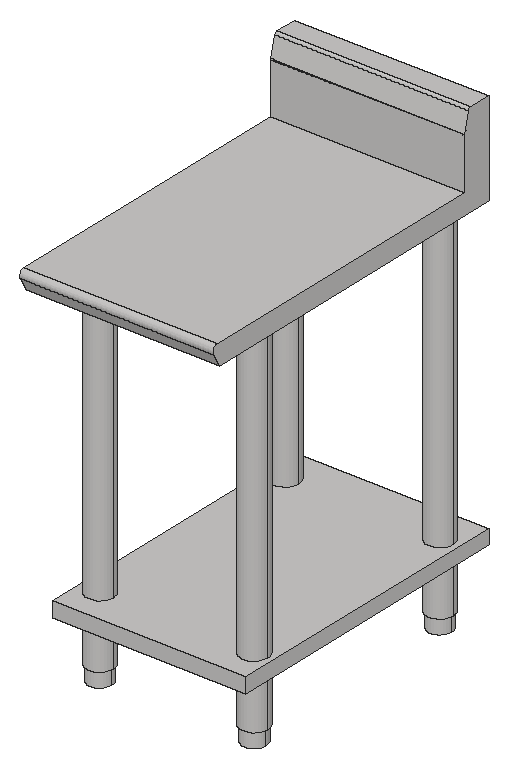
Revit family "QF_COBRA MOFFAT_C450", category Specialty Equipment, Revit 2016
Family settings
  Part Type = Normal
  Round Connector Dimension = Use Diameter
  Work Plane-Based = No
  Always vertical = Yes
  Cut with Voids When Loaded = No
  Shared = No
  Room Calculation Point = No
Parameters
  Weight in Pounds = 28
  URL Cutsheet = ""
  Specification by User = ""
  Specification by Manufacturer = ""
  Serial Number = ""
  Seismic Rating = ""
  SMACNA No = ""
  Revision Code = ""
  NAFEM Spec ID Number = ""
  Model = "C450"
  Masterspec = ""
  Manufacturer = "COBRA MOFFAT"
  Length = 450.00 mm
  Item Number = ""
  Installed By = ""
  Identify Quantity as Lot = yes
  Height = 1085.00 mm
  Furnished By = ""
  Foodservice Equipment Identifier = yes
  Description = "INFILL BENCHES"
  Depth = 800.00 mm
  CSI MasterFormat = ""
Reference planes
  plane 1 "BACK": y = 0
  plane 2: z = 0
  plane 3 "LEFT": x = 0
  plane 4 "RIGHT": x = 450
  plane 5 "FRONT": y = -800
  plane 6 "TOP": z = 1085
  plane 7 "Center Y": x = 225
  plane 8 "Center X": y = -400
  plane 9: x = 45.5
  plane 10: x = 404.5
Forms (mm)
  Extrusion 1, solid, material "QF_Metal - Stainless - Polished"
    sketch origin (0, 0, 0) x (0, 1, 0) y (0, 0, 1)
      loop
        line (-780.27, 866) -> (0, 866) -> (0, 1085) -> (-51.999, 1085)
        arc (-51.999, 1085) -> (-55.651, 1083.76) -> (-57.794, 1080.553) r 6
        line (-57.794, 1080.553) -> (-69.796, 1035.763)
        arc (-69.796, 1035.763) -> (-69.949, 1034.993) -> (-70, 1034.21) r 6
        line (-70, 1034.21) -> (-70, 915) -> (-788.301, 915)
        arc (-788.301, 915) -> (-798.434, 909.149) -> (-798.433, 897.448) r 11.7
        line (-798.433, 897.448) -> (-780.27, 866)
      loop
        line (0, 184) -> (-705, 184) -> (-705, 150) -> (0, 150) -> (0, 184)
    from 0 to 450
  Revolve 2, solid, material "QF_Metal - Stainless - Polished"
    sketch origin (0, -85, 35) x (0, 0, 1) y (1, 0, 0)
      loop
        line (-35, 17.5) -> (0, 17.5) -> (0, 13.75) -> (115, 13.75) -> (115, 45.5) -> (-35, 45.5) -> (-35, 17.5)
      loop
        line (149, 45.5) -> (149, 13.75) -> (831, 13.75) -> (831, 45.5) -> (149, 45.5)
      axis (831, 45.5) -> (-35, 45.5)
    angle from 0 to 360
  Revolve 3, solid, material "QF_Metal - Stainless - Polished"
    sketch origin (0, -625, 35) x (0, 0, 1) y (1, 0, 0)
      loop
        line (-35, 17.5) -> (0, 17.5) -> (0, 13.75) -> (115, 13.75) -> (115, 45.5) -> (-35, 45.5) -> (-35, 17.5)
      loop
        line (149, 45.5) -> (149, 13.75) -> (831, 13.75) -> (831, 45.5) -> (149, 45.5)
      axis (831, 45.5) -> (-35, 45.5)
    angle from 0 to 360
  Revolve 4, solid, material "QF_Metal - Stainless - Polished"
    sketch origin (450, -85, 35) x (0, 0, 1) y (1, 0, 0)
      loop
        line (-35, -17.5) -> (-35, -45.5) -> (115, -45.5) -> (115, -13.75) -> (0, -13.75) -> (0, -17.5) -> (-35, -17.5)
      loop
        line (149, -45.5) -> (831, -45.5) -> (831, -13.75) -> (149, -13.75) -> (149, -45.5)
      axis (831, -45.5) -> (-35, -45.5)
    angle from 0 to 360
  Revolve 5, solid, material "QF_Metal - Stainless - Polished"
    sketch origin (450, -625, 35) x (0, 0, 1) y (1, 0, 0)
      loop
        line (-35, -17.5) -> (-35, -45.5) -> (115, -45.5) -> (115, -13.75) -> (0, -13.75) -> (0, -17.5) -> (-35, -17.5)
      loop
        line (149, -45.5) -> (831, -45.5) -> (831, -13.75) -> (149, -13.75) -> (149, -45.5)
      axis (831, -45.5) -> (-35, -45.5)
    angle from 0 to 360
Lines and regions (mm)
  symbolic lines
    curve 1: line (0, 0, 0) -> (450, 0, 0)
    curve 2: line (0, -800.001, 0) -> (0, 0, 0)
    curve 3: line (450, -800.001, 0) -> (0, -800.001, 0)
    curve 4: line (450, 0, 0) -> (450, -800.001, 0)
    curve 5: line (0, -70, 0) -> (450, -70, 0)
Dimensions and locks
  equal spacing: plane 3 "LEFT", plane 7 "Center Y", plane 4 "RIGHT"
  "Length": plane 3 "LEFT" to plane 4 "RIGHT"
  equal spacing: plane 5 "FRONT", plane 8 "Center X", plane 1 "BACK"
  "Depth": plane 5 "FRONT" to plane 1 "BACK"
  "Height": plane 6 "TOP" to level
  aligned and locked: level to plane 2
Automatic sketch dimensions
  plane 1 "BACK" to curve 1 = 0.00 mm
  curve 1 to plane 3 "LEFT" = 0.00 mm
  curve 4 to plane 4 "RIGHT" = 0.00 mm
  plane 5 "FRONT" to curve 3 = 0.001 mm
  plane 1 "BACK" to curve 5 = 70.00 mm
  Extrusion 1 sketch curve to plane 6 "TOP" = 0.00 mm
  Extrusion 1 sketch curve to plane 1 "BACK" = 0.00 mm  (x2)
  Extrusion 1 sketch curve to Extrusion 1 sketch curve = 51.999 mm
  Extrusion 1 sketch curve to plane 6 "TOP" = 4.447 mm
  Extrusion 1 sketch curve to Extrusion 1 sketch curve = 5.796 mm  (x2)
  Extrusion 1 sketch curve to Extrusion 1 sketch curve = 12.001 mm
  Extrusion 1 sketch curve to Extrusion 1 sketch curve = 0.204 mm
  Extrusion 1 sketch curve to plane 5 "FRONT" = 95.00 mm
  Extrusion 1 sketch curve to plane 5 "FRONT" = 19.73 mm
  Extrusion 1 sketch curve to plane 5 "FRONT" = 11.699 mm
  Extrusion 1 sketch curve to plane 5 "FRONT" = 1.567 mm
  Extrusion 1 sketch curve to Extrusion 1 sketch curve = 44.79 mm
  Extrusion 1 sketch curve to Extrusion 1 sketch curve = 119.21 mm
  Extrusion 1 sketch curve to Extrusion 1 sketch curve = 11.70 mm
  Extrusion 1 sketch curve to Extrusion 1 sketch curve = 31.448 mm
  level to Extrusion 1 sketch curve = 184.00 mm
  Extrusion 1 sketch curve to Extrusion 1 sketch curve = 34.00 mm
  Revolve 2 sketch curve to level = 0.00 mm
  plane 9 to Revolve 2 sketch curve = 0.00 mm  (x3)
  level to Revolve 2 sketch curve = 35.00 mm
  Revolve 2 sketch curve to Revolve 2 sketch curve = 115.00 mm
  plane 3 "LEFT" to Revolve 2 sketch curve = 13.75 mm  (x2)
  Revolve 2 sketch curve to Revolve 2 sketch curve = 34.00 mm
  Revolve 2 sketch curve to plane 6 "TOP" = 219.00 mm
  plane 3 "LEFT" to Revolve 2 sketch curve = 17.50 mm
  Revolve 2 sketch curve to Revolve 2 sketch curve = 14.95 mm
  Revolve 2 sketch curve to Revolve 2 sketch curve = 6.35 mm
  Revolve 3 sketch curve to level = 0.00 mm
  plane 9 to Revolve 3 sketch curve = 0.00 mm  (x3)
  level to Revolve 3 sketch curve = 35.00 mm
  Revolve 3 sketch curve to Revolve 3 sketch curve = 115.00 mm
  plane 3 "LEFT" to Revolve 3 sketch curve = 13.75 mm  (x2)
  Revolve 3 sketch curve to Revolve 3 sketch curve = 34.00 mm
  Revolve 3 sketch curve to plane 6 "TOP" = 219.00 mm
  plane 3 "LEFT" to Revolve 3 sketch curve = 17.50 mm
  Revolve 3 sketch curve to Revolve 3 sketch curve = 14.95 mm
  Revolve 3 sketch curve to Revolve 3 sketch curve = 6.35 mm
  Revolve 4 sketch curve to level = 0.00 mm
  plane 10 to Revolve 4 sketch curve = 0.00 mm  (x3)
  level to Revolve 4 sketch curve = 35.00 mm
  Revolve 4 sketch curve to Revolve 4 sketch curve = 115.00 mm
  plane 4 "RIGHT" to Revolve 4 sketch curve = 13.75 mm
  Revolve 4 sketch curve to Revolve 4 sketch curve = 34.00 mm
  Revolve 4 sketch curve to plane 6 "TOP" = 219.00 mm
  plane 4 "RIGHT" to Revolve 4 sketch curve = 17.50 mm
  Revolve 4 sketch curve to Revolve 4 sketch curve = 3.75 mm
  Revolve 4 sketch curve to Revolve 4 sketch curve = 14.95 mm
  Revolve 4 sketch curve to Revolve 4 sketch curve = 6.35 mm
  Revolve 5 sketch curve to level = 0.00 mm
  plane 10 to Revolve 5 sketch curve = 0.00 mm  (x3)
  level to Revolve 5 sketch curve = 35.00 mm
  Revolve 5 sketch curve to Revolve 5 sketch curve = 115.00 mm
  plane 4 "RIGHT" to Revolve 5 sketch curve = 13.75 mm
  Revolve 5 sketch curve to Revolve 5 sketch curve = 34.00 mm
  Revolve 5 sketch curve to plane 6 "TOP" = 219.00 mm
  plane 4 "RIGHT" to Revolve 5 sketch curve = 17.50 mm
  Revolve 5 sketch curve to Revolve 5 sketch curve = 3.75 mm
  Revolve 5 sketch curve to Revolve 5 sketch curve = 14.95 mm
  Revolve 5 sketch curve to Revolve 5 sketch curve = 6.35 mm
